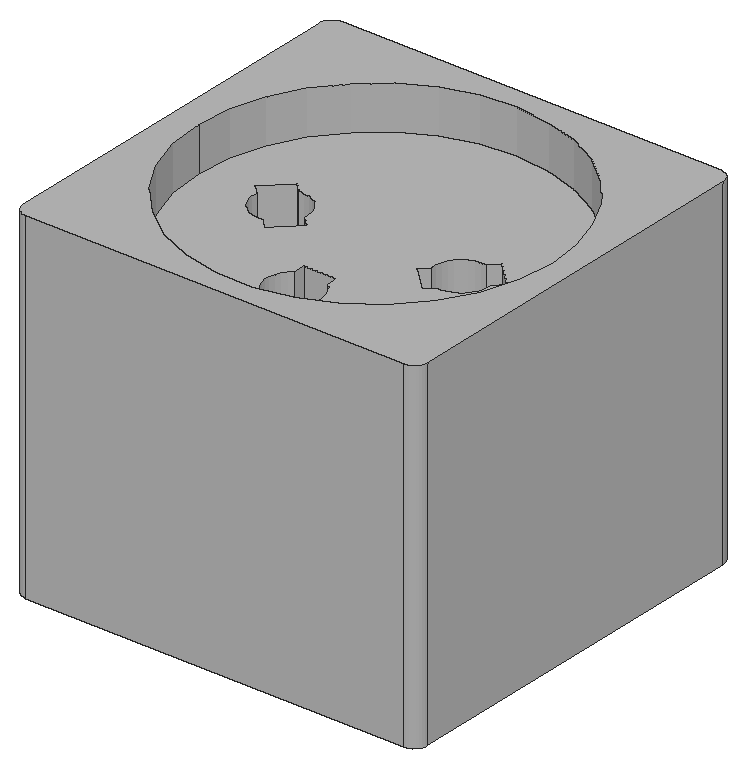
Revit family "Domotics-DomesticRanges-GEWISS-CHORUS_POWER-SOCKET-OUTLET_ISR", category Apparecchi elettrici, host Superficie, Revit 2016
Family settings
  Host = Superficie
  Mantenere orientamento annotazione = Sì
  Tipo di parte = Normale
  Quota connettore circolare = Usa diametro
  Taglio con vuoti quando caricato = Sì
  Condiviso = Sì
  Punto di calcolo locali = Sì
Parameters (values of type "GW14281 - Socket outlet 2M 2P+E 16A israeli st titanium")
  Wiring terminals = "With screw"
  Voltage: = "250 V ac"
  Voltage = "250 V ac"
  Volt = 230 V
  Vista in pianta [instance] = yes
  Version file RFA = "19.0"
  URL = "https://www.gewiss.com/ww/en"
  Type: = ""
  Type = ""
  Tipo_ = CHORUS PRESE ISRAELE_GENERICO : GW14281 Presa 2M 2P+T 16A standard israeliano titanio
  Thermo-pressure with ball = "125 °C"
  Terminal tightening capacity rigid cables (mm2) = "min. 0,5 - max. 2x2,5"
  Terminal tightening capacity flexible cables (mm2) = "min. 0,75 - max. 2x4"
  Terminal grip on cable traction = "> 50 N"
  Technical sheet = "https://www.gewiss.com/ww/en/search?q=GW14281"
  TXT ELETTRICO = "16"
  Standard; = "IEC 60884-1"
  Standard: = "Israeli"
  Standard = "Israeli"
  Simbolo [instance] = yes
  SEO = "Socket outlet"
  Resistance at test voltage = "2000 V at 50 Hz for 1 minute"
  Realized by GEWISS S.p.A. = ""
  Default Elevation = 1219.2 mm
  Prolonged operation (no.of position changes) = "10.000 at In 250 V ac cosØ=0,8"
  Produttore = "GEWISS S.p.A."
  Offset presa [instance] = 0 mm
  Offset bidimensionale [instance] = 41 mm
  No. Chorus modules: = "2"
  No. Chorus modules = "2"
  N. poli = 1
  Modello = "GW14281"
  Insulation resistance = "> 5 MOhm"
  Immagine tipo = GW14281.jpg
  IFC.TypeObject = ""
  IFC.ExportType = ""
  IFC.ExportAs = ""
  IDT = "db385701-3ace-4d86-9a66-d7bb354956f2"
  IDF = "335dd338-4dff-465e-8347-e3abaa6ba4eb"
  Glow Wire Test = "850°C"
  For plug pins = "Round Ø 4 / 4.4 mm"
  Electrocod = "0131"
  EAN code = "8011564266407"
  Distanza_x [instance] = 0 mm
  Distanza_effettiva_y [instance] = 100 mm
  Distanza_effettiva_x [instance] = 1000 mm - Distanza_x  # 1000 mm
  Distanza orizzontale del simbolo [instance] = 114.847 mm
  Distanza dal muro [instance] = 4.208 mm
  Descrizione = "SOCKET 2M 2P+E 16A ISRAELI ST TITANIUM"
  Description: = "2P+E - 16A"
  Description. = "Socket-outlet"
  Colour = "Titanium"
  Characteristics = "With safety shields"
  Category = "Socket-outlet"
  Catalogue Range = "CHORUS - DOMESTIC RANGE"
  Catalogue = "DOMOTICS"
  Carico apparente = 0 VA
  COBie.Tagnumber = ""
  COBie.CreatedOn = ""
  COBie.CreatebBy = ""
  COBie.ComponentRegisterItemID = ""
  COBie.Component.TagNumber = ""
  COBie.Component.Space = ""
  COBie.Component.SerialNumber = ""
  COBie.Component.InstallationDate = ""
  COBie.Component.Description = ""
  COBie.Component.BarCode = ""
  Breaking capacity: = "1.25 In (100 position changes)"
Types (4, lengths in mm): name | Type: | Type | Tipo_ | Technical sheet | Modello | Immagine tipo | IDT | EAN code | Descrizione | Description: | Colour
  GW10281 - Socket outlet 2M 2P+E 16A isr white | "" | "" | CHORUS PRESE ISRAELE_GENERICO : GW10281 Presa 2M 2P+T 16A standard Israeliano bianco | "https://www.gewiss.com/ww/en/search?q=GW10281" | "GW10281" | GW10281.jpg | "0d2eb408-8298-4a97-bfdb-dee608839703" | "8011564262416" | "S. OUTLET 2M 2P+E 16A ISR WHITE" | "2P+E - 16 A illuminable" | "White"
  GW10291 - Socket outlet 2M 2P+E 16A isr ded. Lines red | "For allocated lines" | "For allocated lines" | CHORUS PRESE ISRAELE_GENERICO : GW10291 Presa 2M 2P+T 16A standard Israeliano rossa | "https://www.gewiss.com/ww/en/search?q=GW10291" | "GW10291" | GW10291.jpg | "2e834bf3-fe80-4b9e-8003-4144b24df540" | "8011564265004" | "S. OUTLET 2M 2P+E 16A ISR DED. LINES RED" | "2P+E - 16 A illuminable" | "Red"
  GW12281 - Socket outlet 2M 2P+E 16A israeli st black | "" | "" | CHORUS PRESE ISRAELE_GENERICO : GW12281 Presa 2M 2P+T 16A standard israeliano nero | "https://www.gewiss.com/ww/en/search?q=GW12281" | "GW12281" | GW12281.jpg | "b80bf8b6-0b1f-4d13-89ee-0d52f8d8fd08" | "8011564266940" | "SOCKET 2M 2P+E 16A ISRAELI ST BLACK" | "2P+E - 16A" | "Black"
  GW14281 - Socket outlet 2M 2P+E 16A israeli st titanium | "" | "" | CHORUS PRESE ISRAELE_GENERICO : GW14281 Presa 2M 2P+T 16A standard israeliano titanio | "https://www.gewiss.com/ww/en/search?q=GW14281" | "GW14281" | GW14281.jpg | "db385701-3ace-4d86-9a66-d7bb354956f2" | "8011564266407" | "SOCKET 2M 2P+E 16A ISRAELI ST TITANIUM" | "2P+E - 16A" | "Titanium"
Reference planes
  plane 1 "Centro (Fronte/Retro)": y = 0
  plane 2: z = 0
  plane 3 "Centro (Sinistra/Destra)": x = 0
  plane 4: x = -1000
  plane 5: x = 0
  plane 6: y = 100
  plane 7: z = 0
  plane 8: z = 41
  plane 9: z = 39
Lines and regions (mm)
  Masking region 1, visible <- "Vista in pianta"
    outline origin (0, 0, 0) x (1, 0, 0) y (0, 0, 1)
      loop
        line (23, 0) -> (23, 39) -> (-23, 39) -> (-23, 0) -> (23, 0)
  Masking region 2, visible <- "Vista in pianta"
    outline origin (0, 0, 0) x (0, 1, 0) y (0, 0, 1)
      loop
        line (22.5, 0) -> (22.5, 39) -> (-22.5, 39) -> (-22.5, 0) -> (22.5, 0)
Dimensions and locks
  plane 4 to plane 3 "Centro (Sinistra/Destra)" = 1000 mm
  "Distanza_effettiva_x": plane 4 to plane 5
  "Distanza_effettiva_y": plane 6 to plane 1 "Centro (Fronte/Retro)"
  "Offset presa": plane 7 to host face
  "Offset bidimensionale": plane 8 to host face
  locked: plane 9 to plane 7 at 39
  aligned and locked: plane 2 to host face
  aligned and locked: level to host face
  aligned and locked: plane 5 to nested 1
  aligned and locked: nested 1 to plane 6
  aligned and locked: plane 3 "Centro (Sinistra/Destra)" to nested 2
  aligned and locked: plane 1 "Centro (Fronte/Retro)" to nested 2
  aligned and locked: nested 2 to plane 7
  aligned and locked: nested 2 to plane 9  (x2)
  aligned and locked: Masking region 1 sketch curve to nested 2  (x2)
  aligned and locked: Masking region 1 to plane 7
  aligned and locked: Masking region 2 sketch curve to nested 2  (x2)
  aligned and locked: Masking region 2 to plane 9
  aligned and locked: Masking region 2 to plane 7
  aligned and locked: import instance to plane 8
Automatic sketch dimensions
  host sketch curve to host sketch curve = 2438.4 mm  (x2)
  Masking region 1 sketch curve to plane 7 = 0 mm
  Masking region 1 sketch curve to plane 9 = 0 mm
  Masking region 2 sketch curve to plane 7 = 0 mm
  plane 9 to Masking region 2 sketch curve = 0 mm
Nested families
  nested 1: "SIMBOLO PRESE" at (0, 100, 0), TESTO ELETTRICO <- "TXT ELETTRICO", SIMBOLO <- "Simbolo", Distanza dal muro <- "Distanza dal muro", visible <- "Simbolo", type "PRESA"
    with TESTO ELETTRICO "16", SIMBOLO yes, Distanza dal muro 4.208 mm, BORDO ACCESO yes
  nested 2: "CHORUS PRESE ISRAELE_GENERICO" at (0, 0, 0), type <- "Tipo_", type "GW14281 Presa 2M 2P+T 16A standard israeliano titanio", detail levels medium+fine
Connectors
  electrical at (0, 0, 0), driven by "N. poli", driven by "Volt", driven by "Carico apparente"
    settings: on nested 2, index 1, voltage 230 V, apparent load 0 VA, apparent load phase1 0 VA, apparent load phase2 0 VA, apparent load phase3 0 VA, power factor 1, load classification "Altro", number of poles 1, system type 31, power factor state 1, is connector primary yes, connector utility no, sub classification motor no, connector description ""
Definition of nested family "CHORUS PRESE ISRAELE_GENERICO"
  Parameters (values of type "GW10281 Presa 2M 2P+T 16A standard Israeliano bianco")
    Profondità presa = 39 mm
    Finitura Prese Israele = none
    Altezza da Terra = 750 mm
  Types (4): name
    GW10281 Presa 2M 2P+T 16A standard Israeliano bianco
    GW10291 Presa 2M 2P+T 16A standard Israeliano rossa
    GW12281 Presa 2M 2P+T 16A standard israeliano nero
    GW14281 Presa 2M 2P+T 16A standard israeliano titanio
  Reference planes
    plane 1 "Centro (Fronte/Retro)": y = 0
    plane 2: z = 0
    plane 3 "Centro (Sinistra/Destra)": x = 0
    plane 4: x = -23
    plane 5: x = 23
    plane 6: z = 34
    plane 7: z = 36.5
    plane 8: z = 39
    plane 9: z = 24
    plane 10: z = 32
  Forms (mm)
    Extrusion 1, solid, material <- "Finitura Prese Israele"
      sketch origin (0, -772.5, 39) x (1, 0, 0) y (0, 1, 0)
        loop
          arc (-21.5, 795) -> (-22.561, 794.561) -> (-23, 793.5) r 1.5
          line (-23, 793.5) -> (-23, 751.5)
          arc (-23, 751.5) -> (-22.561, 750.439) -> (-21.5, 750) r 1.5
          line (-21.5, 750) -> (21.5, 750)
          arc (21.5, 750) -> (22.561, 750.439) -> (23, 751.5) r 1.5
          line (23, 751.5) -> (23, 793.5)
          arc (23, 793.5) -> (22.561, 794.561) -> (21.5, 795) r 1.5
          line (21.5, 795) -> (-21.5, 795)
      from 0 to -39
    Extrusion 2, void
      sketch origin (0, 0, 0) x (1, 0, 0) y (0, 1, 0)
        loop
          circle (0.245, 0) r 20.156
      from 34 to 39
    Extrusion 3, void
      sketch origin (0, 0, 0) x (1, 0, 0) y (0, 1, 0)
        loop
          arc (-13.595, 0.385) -> (-12.72, -2.17) -> (-10.165, -3.045) r 3.069
          line (-10.165, -3.045) -> (-9.192, -4.018) -> (-6.533, -1.358) -> (-7.506, -0.385)
          arc (-7.506, -0.385) -> (-8.38, 2.17) -> (-10.935, 3.045) r 3.069
          line (-10.935, 3.045) -> (-11.909, 4.018) -> (-14.568, 1.358) -> (-13.595, 0.385)
        loop
          line (1.626, -7.178) -> (-2.135, -7.178) -> (-2.135, -8.554)
          arc (-2.135, -8.554) -> (-3.323, -10.979) -> (-2.135, -13.404) r 3.069
          line (-2.135, -13.404) -> (-2.135, -14.781) -> (1.626, -14.781) -> (1.626, -13.404)
          arc (1.626, -13.404) -> (2.814, -10.979) -> (1.626, -8.554) r 3.069
          line (1.626, -8.554) -> (1.626, -7.178)
        loop
          arc (10.426, 3.045) -> (7.871, 2.17) -> (6.997, -0.385) r 3.069
          line (6.997, -0.385) -> (6.023, -1.358) -> (8.683, -4.018) -> (9.656, -3.045)
          arc (9.656, -3.045) -> (12.211, -2.17) -> (13.086, 0.385) r 3.069
          line (13.086, 0.385) -> (14.059, 1.358) -> (11.4, 4.018) -> (10.426, 3.045)
      from 24 to 34
    Extrusion 4, solid, detail levels coarse
      sketch origin (0, 0, 0) x (1, 0, 0) y (0, 1, 0)
        loop
          arc (-7.506, -0.385) -> (-8.38, 2.17) -> (-10.935, 3.045) r 3.069
          line (-10.935, 3.045) -> (-11.909, 4.018) -> (-14.568, 1.358) -> (-13.595, 0.385)
          arc (-13.595, 0.385) -> (-12.72, -2.17) -> (-10.165, -3.045) r 3.069
          line (-10.165, -3.045) -> (-9.192, -4.018) -> (-6.533, -1.358) -> (-7.506, -0.385)
        loop
          line (14.059, 1.358) -> (11.4, 4.018) -> (10.426, 3.045)
          arc (10.426, 3.045) -> (7.871, 2.17) -> (6.997, -0.385) r 3.069
          line (6.997, -0.385) -> (6.023, -1.358) -> (8.683, -4.018) -> (9.656, -3.045)
          arc (9.656, -3.045) -> (12.211, -2.17) -> (13.086, 0.385) r 3.069
          line (13.086, 0.385) -> (14.059, 1.358)
        loop
          line (1.626, -7.178) -> (-2.135, -7.178) -> (-2.135, -8.554)
          arc (-2.135, -8.554) -> (-3.323, -10.979) -> (-2.135, -13.404) r 3.069
          line (-2.135, -13.404) -> (-2.135, -14.781) -> (1.626, -14.781) -> (1.626, -13.404)
          arc (1.626, -13.404) -> (2.814, -10.979) -> (1.626, -8.554) r 3.069
          line (1.626, -8.554) -> (1.626, -7.178)
      from 24 to 32
  Cuts and joins
    Extrusion 2, Extrusion 3 cuts Extrusion 1
  Dimensions and locks
    locked: plane 4 to plane 5 at 46
    "Profondità presa": plane 8 to level
    plane 9 to plane 6 = 10 mm
    plane 6 to plane 10 = 2 mm
    aligned and locked: level to plane 2
    aligned and locked: Extrusion 1 to level
    aligned and locked: plane 6 to Extrusion 2
    aligned and locked: Extrusion 1 to Extrusion 2
    aligned and locked: Extrusion 3 to plane 9
    aligned and locked: Extrusion 3 to plane 6
    aligned and locked: Extrusion 4 to cut or joined group of Extrusion 1, Extrusion 2, Extrusion 3
  Automatic sketch dimensions
    Extrusion 1 sketch curve to plane 4 = 0 mm
    Extrusion 1 sketch curve to plane 5 = 0 mm
    plane 4 to Extrusion 1 sketch curve = 1.5 mm  (x2)
    Extrusion 1 sketch curve to plane 5 = 1.5 mm  (x2)
    plane 1 "Centro (Fronte/Retro)" to Extrusion 1 sketch curve = 22.5 mm
    Extrusion 1 sketch curve to plane 1 "Centro (Fronte/Retro)" = 21 mm
    Extrusion 3 sketch curve to Extrusion 3 sketch curve = 0 mm  (x5)
    plane 1 "Centro (Fronte/Retro)" to Extrusion 3 sketch curve = 0 mm  (x2)
    Extrusion 3 sketch curve to plane 3 "Centro (Sinistra/Destra)" = 10.55 mm
    plane 1 "Centro (Fronte/Retro)" to Extrusion 3 sketch curve = 0.385 mm  (x2)
    Extrusion 3 sketch curve to Extrusion 3 sketch curve = 3.045 mm  (x3)
    Extrusion 3 sketch curve to plane 1 "Centro (Fronte/Retro)" = 3.045 mm  (x2)
    Extrusion 3 sketch curve to plane 1 "Centro (Fronte/Retro)" = 0.385 mm  (x2)
    plane 1 "Centro (Fronte/Retro)" to Extrusion 3 sketch curve = 3.045 mm  (x2)
    plane 1 "Centro (Fronte/Retro)" to Extrusion 3 sketch curve = 1.358 mm  (x2)
    Extrusion 3 sketch curve to Extrusion 3 sketch curve = 0.973 mm  (x4)
    Extrusion 3 sketch curve to plane 1 "Centro (Fronte/Retro)" = 1.358 mm  (x2)
    Extrusion 3 sketch curve to plane 3 "Centro (Sinistra/Destra)" = 2.135 mm  (x2)
    plane 1 "Centro (Fronte/Retro)" to Extrusion 3 sketch curve = 7.178 mm
    plane 3 "Centro (Sinistra/Destra)" to Extrusion 3 sketch curve = 1.626 mm  (x2)
    Extrusion 3 sketch curve to Extrusion 3 sketch curve = 1.376 mm  (x4)
    Extrusion 3 sketch curve to plane 3 "Centro (Sinistra/Destra)" = 0.255 mm
    Extrusion 3 sketch curve to Extrusion 3 sketch curve = 2.425 mm
    plane 3 "Centro (Sinistra/Destra)" to Extrusion 3 sketch curve = 6.997 mm
    Extrusion 3 sketch curve to plane 1 "Centro (Fronte/Retro)" = 4.018 mm
    plane 1 "Centro (Fronte/Retro)" to Extrusion 4 sketch curve = 0 mm  (x2)
    Extrusion 4 sketch curve to plane 1 "Centro (Fronte/Retro)" = 3.045 mm  (x2)
    Extrusion 4 sketch curve to plane 3 "Centro (Sinistra/Destra)" = 10.935 mm
    Extrusion 4 sketch curve to Extrusion 4 sketch curve = 0.385 mm  (x2)
    Extrusion 4 sketch curve to plane 1 "Centro (Fronte/Retro)" = 4.018 mm  (x2)
    Extrusion 4 sketch curve to Extrusion 4 sketch curve = 0.973 mm  (x4)
    plane 1 "Centro (Fronte/Retro)" to Extrusion 4 sketch curve = 0.385 mm  (x2)
    Extrusion 4 sketch curve to plane 1 "Centro (Fronte/Retro)" = 1.358 mm  (x2)
    Extrusion 4 sketch curve to plane 1 "Centro (Fronte/Retro)" = 0.385 mm  (x2)
    Extrusion 4 sketch curve to Extrusion 4 sketch curve = 0 mm  (x5)
    plane 1 "Centro (Fronte/Retro)" to Extrusion 4 sketch curve = 3.045 mm  (x2)
    plane 1 "Centro (Fronte/Retro)" to Extrusion 4 sketch curve = 1.358 mm  (x2)
    plane 3 "Centro (Sinistra/Destra)" to Extrusion 4 sketch curve = 11.4 mm
    plane 1 "Centro (Fronte/Retro)" to Extrusion 4 sketch curve = 4.018 mm
    Extrusion 4 sketch curve to plane 3 "Centro (Sinistra/Destra)" = 2.135 mm
    plane 1 "Centro (Fronte/Retro)" to Extrusion 4 sketch curve = 7.178 mm
    plane 3 "Centro (Sinistra/Destra)" to Extrusion 4 sketch curve = 1.626 mm  (x2)
    Extrusion 4 sketch curve to Extrusion 4 sketch curve = 1.376 mm  (x4)
    Extrusion 4 sketch curve to plane 3 "Centro (Sinistra/Destra)" = 0.255 mm
    Extrusion 4 sketch curve to Extrusion 4 sketch curve = 2.425 mm
Definition of nested family "SIMBOLO PRESE"
  Parameters (values of type "PRESA")
    TESTO ELETTRICO [instance] = "TXT"
    Simbolo = SIMBOLO PRESE_BASE : PRESA
    SIMBOLO [instance] = yes
    Distanza dal muro [instance] = 4.208 mm
    BORDO ACCESO [instance] = yes
  Reference planes
    plane 1: y = 0
    plane 2: x = 0
  Dimensions and locks
    aligned and locked: plane 2 to nested 1
  Nested families
    nested 1: "SIMBOLO PRESE_BASE" at (0, 0, 0), type <- "Simbolo", TESTO ELETTRICO <- "TESTO ELETTRICO", BORDO ACCESO <- "BORDO ACCESO", visible <- "SIMBOLO", type "PRESA"
      with TESTO ELETTRICO "TXT", BORDO ACCESO yes
  Definition of nested family "SIMBOLO PRESE_BASE"
    Parameters (values of type "PRESA")
      TESTO ELETTRICO [instance] = "TXT"
      Distanza dal muro = 4.208 mm
      BORDO ACCESO [instance] = yes
    Reference planes
      plane 1: y = 0
      plane 2: x = 0
    Lines and regions (mm)
      detail lines, visible <- "BORDO ACCESO", not visible
        curve 1: line (-1.743, 9.208, 0) -> (2.057, 9.208, 0)
        curve 2: line (2.057, 9.208, 0) -> (2.057, 4.208, 0)
        curve 3: line (2.057, 4.208, 0) -> (-1.743, 4.208, 0)
        curve 4: line (-1.743, 4.208, 0) -> (-1.743, 9.208, 0)
        curve 5: line (-1.543, 9.008, 0) -> (1.857, 9.008, 0)
        curve 6: line (1.857, 9.008, 0) -> (1.857, 4.408, 0)
        curve 7: line (1.857, 4.408, 0) -> (-1.543, 4.408, 0)
        curve 8: line (-1.543, 4.408, 0) -> (-1.543, 9.008, 0)
      detail lines
        curve 9: line (0.783, 1.133, 0) -> (-0.783, 1.133, 0)
        curve 10: line (0, 1.133, 0) -> (0, 0.349, 0)
        curve 11: arc (-0.783, 1.916, 0) -> (0, 1.133, 0) -> (0.783, 1.916, 0) r 0.783
    Text (mm)
      label "TXT" at (0.016, 1.578, 0), shows "TESTO ELETTRICO"
